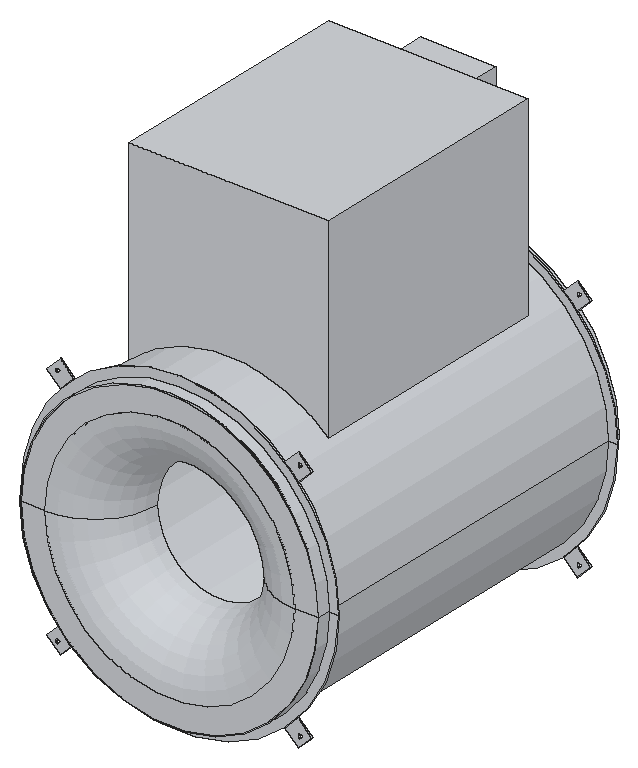
Revit family "QMX-HP_Vertical_Level_2", category Mechanical Equipment, Revit 2019
Family settings
  Round Connector Dimension = Use Radius
  Part Type = Normal
  Work Plane-Based = No
  Always vertical = Yes
  Cut with Voids When Loaded = No
  Shared = No
  Room Calculation Point = No
Parameters (values of type "330-QMX-HP_VER_LEVEL_2")
  hole_dia = 53 5/8"
  hole = (sqrt((hole_dia ^ 2) / 2)) / 2  # 18.9593"
  Unit Weight [instance] = ""
  Sones [instance] = ""
  Motor RPM [instance] = ""
  Motor Enclosure [instance] = ""
  ModelID [instance] = ""
  MC/2 = 15 149/256"
  LwA [instance] = ""
  H/2 = H / 2  # 11/32"
  H = 11/16"
  G/2 = G / 2  # 28 9/16"
  Fan RPM [instance] = ""
  Brake Hp [instance] = ""
  BRACKET/2 = BRACKET / 2  # 1 1/2"
  BRACKET = 3"
  Accessories [instance] = ""
  45 = 45.00°
  3 = 3"  # constant formula
  1.9375 = 1 15/16"  # constant formula
  -(G/2)-.75 = -((G / 2) - 3/4")  # -27 13/16"
  (G/2)-.75 = (G / 2) - 3/4"  # 27 13/16"
  G+1.5 = G + 1 1/2"  # 58 5/8"
  G = 57 1/8"
  F/2 = F / 2  # 18 3/8"
  F-1.5 = F - 1 1/2"  # 35 1/4"
  F+1.5 = F + 1 1/2"  # 38 1/4"
  F = 36 3/4"
  E-D-1.5 = E - D - 1 1/2"  # 46 5/16"
  E-D = E - D  # 47 13/16"
  E = 74 13/16"
  D = 27"
  C/2 = C / 2  # 24 7/8"
  C = 49 3/4"
  B/8 = B / 6  # 9 3/4"
  B/6 = B / 6  # 9 3/4"
  B/3*2 = B / 3 * 2  # 39"
  B/2 = B / 2  # 29 1/4"
  B/10 = B / 10  # 5.85"
  B = 58 1/2"
  A/8 = A / 8  # 5 27/32"
  A/4 = A / 4  # 11 11/16"
  A/2 = A / 2  # 23 3/8"
  A = 46 3/4"
  0 = 0"  # constant formula
  Voltage [instance] = 0 V
  URL = "www.lorencook.com"
  Type Comments = "Mixed Flow Inline Vertical Mount Level 2 Belt Drive Arrangement 9"  # constant formula
  Static Pressure [instance] = 0.00 in-wg
  Power [instance] = Voltage * Motor FLA * sqrt(if(Phase = 3, 3, 1))  # 0 VA
  Phase [instance] = 0
  Number of Poles [instance] = 1
  Motor Hp [instance] = "0"
  Motor FLA [instance] = 0 A
  Model = "QMX-HP-Vertical Level 2"  # constant formula
  Manufacturer = "Loren Cook Company"
  CFM [instance] = 0 CFM
  1.5 = 1 1/2"  # constant formula
  ONE EIGTH = 1/8"  # constant formula
  -(B/2) = -(B / 2)  # -29 1/4"
  (F+3)/2 = (F + 3") / 2  # 19 7/8"
  (A/2)-.125 = (A / 2) - 1/8"  # 23 1/4"
Types (19): name | hole_dia | hole | MC/2 | H/2 | H | G/2 | BRACKET/2 | BRACKET | -(G/2)-.75 | (G/2)-.75 | G+1.5 | G | F/2 | F-1.5 | F+1.5 | F | E-D-1.5 | E-D | E | D | C/2 | C | B/8 | B/6 | B/3*2 | B/2 | B/10 | B | A/8 | A/4 | A/2 | A | -(B/2) | (F+3)/2 | (A/2)-.125
  (no name) | 53 5/8" | 18.9593" | 15 149/256" | 11/32" | 11/16" | 28 9/16" | 1 1/2" | 3" | -27 13/16" | 27 13/16" | 58 5/8" | 57 1/8" | 18 3/8" | 35 1/4" | 38 1/4" | 36 3/4" | 46 5/16" | 47 13/16" | 74 13/16" | 27" | 24 7/8" | 49 3/4" | 9 3/4" | 9 3/4" | 39" | 29 1/4" | 5.85" | 58 1/2" | 5 27/32" | 11 11/16" | 23 3/8" | 46 3/4" | -29 1/4" | 19 7/8" | 23 1/4"
  90-QMX-HP_VER_LEVEL_2 | 19 3/16" | 6.78381" | 6" | 1/4" | 1/2" | 9 3/16" | 1 1/2" | 3" | -8 7/16" | 8 7/16" | 19 7/8" | 18 3/8" | 6 3/16" | 10 7/8" | 13 7/8" | 12 3/8" | 21 1/4" | 22 3/4" | 31 1/4" | 8 1/2" | 7 15/16" | 15 7/8" | 3 5/16" | 3 5/16" | 13 1/4" | 9 15/16" | 1.9875" | 19 7/8" | 1 77/128" | 3 13/64" | 6 13/32" | 12 13/16" | -9 15/16" | 7 11/16" | 6 9/32"
  120-QMX-HP_VER_LEVEL_2 | 23 9/16" | 8.3306" | 8" | 1/4" | 1/2" | 11 1/4" | 1 1/2" | 3" | -10 1/2" | 10 1/2" | 24" | 22 1/2" | 7 3/4" | 14" | 17" | 15 1/2" | 24 11/16" | 26 3/16" | 36 11/16" | 10 1/2" | 10 1/32" | 20 1/16" | 4" | 4" | 16" | 12" | 2.4" | 24" | 2 17/128" | 4 17/64" | 8 17/32" | 17 1/16" | -12" | 9 1/4" | 8 13/32"
  135-QMX-HP_VER_LEVEL_2 | 25 13/16" | 9.1261" | 9" | 1/4" | 1/2" | 12 3/4" | 1 1/2" | 3" | -12" | 12" | 27" | 25 1/2" | 8 3/4" | 16" | 19" | 17 1/2" | 26" | 27 1/2" | 39 1/2" | 12" | 11 1/8" | 22 1/4" | 4 1/2" | 4 1/2" | 18" | 13 1/2" | 2.7" | 27" | 2 13/32" | 4 13/16" | 9 5/8" | 19 1/4" | -13 1/2" | 10 1/4" | 9 1/2"
  150-QMX-HP_VER_LEVEL_2 | 28" | 9.89949" | 10" | 1/4" | 1/2" | 14 5/16" | 1 1/2" | 3" | -13 9/16" | 13 9/16" | 30 1/8" | 28 5/8" | 9 3/8" | 17 1/4" | 20 1/4" | 18 3/4" | 27 3/8" | 28 7/8" | 42 1/16" | 13 3/16" | 12 3/16" | 24 3/8" | 5" | 5" | 20" | 15" | 3" | 30" | 2 43/64" | 5 11/32" | 10 11/16" | 21 3/8" | -15" | 10 7/8" | 10 9/16"
  165-QMX-HP_VER_LEVEL_2 | 30 1/8" | 10.6508" | 10" | 1/4" | 1/2" | 15 13/16" | 1 1/2" | 3" | -15 1/16" | 15 1/16" | 33 1/8" | 31 5/8" | 10 13/32" | 19 5/16" | 22 5/16" | 20 13/16" | 27 15/16" | 29 7/16" | 43 3/4" | 14 5/16" | 13 1/4" | 26 1/2" | 5 1/2" | 5 1/2" | 22" | 16 1/2" | 3.3" | 33" | 2 15/16" | 5 7/8" | 11 3/4" | 23 1/2" | -16 1/2" | 11 29/32" | 11 5/8"
  180-QMX-HP_VER_LEVEL_2 | 32 5/16" | 11.42419" | 10" | 9/32" | 9/16" | 16 13/16" | 1 1/2" | 3" | -16 1/16" | 16 1/16" | 35 1/8" | 33 5/8" | 11 13/32" | 21 5/16" | 24 5/16" | 22 13/16" | 29 1/4" | 30 3/4" | 46 1/4" | 15 1/2" | 14 5/16" | 28 5/8" | 5.83333" | 5.83333" | 23.33333" | 17 1/2" | 3 1/2" | 35" | 3 13/64" | 6 13/32" | 12 13/16" | 25 5/8" | -17 1/2" | 12 29/32" | 12 11/16"
  202-QMX-HP_VER_LEVEL_2 | 35 1/2" | 12.55115" | 10" | 9/32" | 9/16" | 18 1/16" | 1 1/2" | 3" | -17 5/16" | 17 5/16" | 37 5/8" | 36 1/8" | 12 1/8" | 22 3/4" | 25 3/4" | 24 1/4" | 31 3/16" | 32 11/16" | 49 15/16" | 17 1/4" | 15 7/8" | 31 3/4" | 6 1/4" | 6 1/4" | 25" | 18 3/4" | 3 3/4" | 37 1/2" | 3 19/32" | 7 3/16" | 14 3/8" | 28 3/4" | -18 3/4" | 13 5/8" | 14 1/4"
  225-QMX-HP_VER_LEVEL_2 | 38 3/4" | 13.70019" | 10 165/256" | 9/32" | 9/16" | 19 13/16" | 1 1/2" | 3" | -19 1/16" | 19 1/16" | 41 1/8" | 39 5/8" | 13 15/32" | 25 7/16" | 28 7/16" | 26 15/16" | 35 5/16" | 36 13/16" | 55 13/16" | 19" | 17 15/32" | 34 15/16" | 6.83333" | 6.83333" | 27.33333" | 20 1/2" | 4.1" | 41" | 3 127/128" | 7 63/64" | 15 31/32" | 31 15/16" | -20 1/2" | 14 31/32" | 15 27/32"
  245-QMX-HP_VER_LEVEL_2 | 41 9/16" | 14.69456" | 11 149/256" | 11/32" | 11/16" | 21 9/16" | 1 1/2" | 3" | -20 13/16" | 20 13/16" | 44 5/8" | 43 1/8" | 14 15/32" | 27 7/16" | 30 7/16" | 28 15/16" | 37" | 38 1/2" | 59" | 20 1/2" | 18 7/8" | 37 3/4" | 7.41667" | 7.41667" | 29.66667" | 22 1/4" | 4.45" | 44 1/2" | 4 11/32" | 8 11/16" | 17 3/8" | 34 3/4" | -22 1/4" | 15 31/32" | 17 1/4"
  270-QMX-HP_VER_LEVEL_2 | 45 1/8" | 15.9541" | 12 197/256" | 11/32" | 11/16" | 22 13/16" | 1 1/2" | 3" | -22 1/16" | 22 1/16" | 47 1/8" | 45 5/8" | 15 1/2" | 29 1/2" | 32 1/2" | 31" | 38 15/16" | 40 7/16" | 62 7/8" | 22 7/16" | 20 21/32" | 41 5/16" | 7.83333" | 7.83333" | 31.33333" | 23 1/2" | 4.7" | 47" | 4 101/128" | 9 37/64" | 19 5/32" | 38 5/16" | -23 1/2" | 17" | 19 1/32"
  300-QMX-HP_VER_LEVEL_2 | 49 3/8" | 17.4567" | 14 43/256" | 11/32" | 11/16" | 26 5/16" | 1 1/2" | 3" | -25 9/16" | 25 9/16" | 54 1/8" | 52 5/8" | 16 7/8" | 32 1/4" | 35 1/4" | 33 3/4" | 41 13/16" | 43 5/16" | 68 1/16" | 24 3/4" | 22 3/4" | 45 1/2" | 9" | 9" | 36" | 27" | 5.4" | 54" | 5 5/16" | 10 5/8" | 21 1/4" | 42 1/2" | -27" | 18 3/8" | 21 1/8"
  330-QMX-HP_VER_LEVEL_2 | 53 5/8" | 18.9593" | 15 149/256" | 11/32" | 11/16" | 28 9/16" | 1 1/2" | 3" | -27 13/16" | 27 13/16" | 58 5/8" | 57 1/8" | 18 3/8" | 35 1/4" | 38 1/4" | 36 3/4" | 46 5/16" | 47 13/16" | 74 13/16" | 27" | 24 7/8" | 49 3/4" | 9 3/4" | 9 3/4" | 39" | 29 1/4" | 5.85" | 58 1/2" | 5 27/32" | 11 11/16" | 23 3/8" | 46 3/4" | -29 1/4" | 19 7/8" | 23 1/4"
  365-QMX-HP_VER_LEVEL_2 | 59 1/2" | 21.03643" | 17 1/4" | 13/32" | 13/16" | 31 11/16" | 2" | 4" | -30 15/16" | 30 15/16" | 64 7/8" | 63 3/8" | 20 1/4" | 39" | 42" | 40 1/2" | 48 15/16" | 50 7/16" | 80 1/4" | 29 13/16" | 27 3/8" | 54 3/4" | 10.66667" | 10.66667" | 42.66667" | 32" | 6.4" | 64" | 6 15/32" | 12 15/16" | 25 7/8" | 51 3/4" | -32" | 21 3/4" | 25 3/4"
  402-QMX-HP_VER_LEVEL_2 | 64 7/8" | 22.93678" | 18 251/256" | 13/32" | 13/16" | 33 15/16" | 2" | 4" | -33 3/16" | 33 3/16" | 69 3/8" | 67 7/8" | 22" | 42 1/2" | 45 1/2" | 44" | 54 1/8" | 55 5/8" | 88 5/16" | 32 11/16" | 29 31/32" | 59 15/16" | 11.41667" | 11.41667" | 45.66667" | 34 1/4" | 6.85" | 68 1/2" | 7 15/128" | 14 15/64" | 28 15/32" | 56 15/16" | -34 1/4" | 23 1/2" | 28 11/32"
  445-QMX-HP_VER_LEVEL_2 | 70 7/8" | 25.0581" | 21 5/256" | 13/32" | 13/16" | 36 11/16" | 2" | 4" | -35 15/16" | 35 15/16" | 74 7/8" | 73 3/8" | 24 1/8" | 46 3/4" | 49 3/4" | 48 1/4" | 57 3/8" | 58 7/8" | 94 7/8" | 36" | 33 1/32" | 66 1/16" | 12.33333" | 12.33333" | 49.33333" | 37" | 7.4" | 74" | 7 113/128" | 15 49/64" | 31 17/32" | 63 1/16" | -37" | 25 5/8" | 31 13/32"
  490-QMX-HP_VER_LEVEL_2 | 78 1/8" | 27.62136" | 23 1/8" | 13/32" | 13/16" | 39 15/16" | 2" | 4" | -39 3/16" | 39 3/16" | 81 3/8" | 79 7/8" | 26 3/8" | 51 1/4" | 54 1/4" | 52 3/4" | 62 7/16" | 63 15/16" | 103 3/8" | 39 7/16" | 36 1/4" | 72 1/2" | 13.41667" | 13.41667" | 53.66667" | 40 1/4" | 8.05" | 80 1/2" | 8 43/64" | 17 11/32" | 34 11/16" | 69 3/8" | -40 1/4" | 27 7/8" | 34 9/16"
  540-QMX-HP_VER_LEVEL_2 | 85 3/16" | 30.11833" | 25 123/256" | 13/32" | 13/16" | 43 3/16" | 2" | 4" | -42 7/16" | 42 7/16" | 87 7/8" | 86 3/8" | 29" | 56 1/2" | 59 1/2" | 58" | 66 1/8" | 67 5/8" | 110 15/16" | 43 5/16" | 39 25/32" | 79 9/16" | 14 1/2" | 14 1/2" | 58" | 43 1/2" | 8.7" | 87" | 9 71/128" | 19 7/64" | 38 7/32" | 76 7/16" | -43 1/2" | 30 1/2" | 38 3/32"
  600-QMX-HP_VER_LEVEL_2 | 93 3/4" | 33.14563" | 28 75/256" | 13/32" | 13/16" | 47 7/16" | 2" | 4" | -46 11/16" | 46 11/16" | 96 3/8" | 94 7/8" | 32" | 62 1/2" | 65 1/2" | 64" | 70 9/16" | 72 1/16" | 122 1/16" | 50" | 44 3/16" | 88 3/8" | 15.91667" | 15.91667" | 63.66667" | 47 3/4" | 9.55" | 95 1/2" | 10 39/64" | 21 7/32" | 42 7/16" | 84 7/8" | -47 3/4" | 33 1/2" | 42 5/16"
Reference planes (in)
  plane 1 "Center (Front/Back)": y = 0
  plane 2: z = 0
  plane 3 "Center (Left/Right)": x = 0.40541
Forms (in)
  Extrusion 1, solid
    sketch origin (0, 0, 0) x (1, 0, 0) y (0, 0, 1)
      loop
        circle (0.40541, 0) r 23.375
      loop
        circle (0.40541, 0) r 23.25
    from -29.25 <- "-(B/2)" to 29.25 <- "B/2"
  Revolve 2, solid
    sketch origin (0, 0, 0) x (1, 0, 0) y (0, 1, 0)
      loop
        line (-22.84459, -29.25) -> (0.40541, -29.25) -> (0.40541, -19.5) -> (-22.84459, -19.5) -> (-22.84459, -29.25)
      axis (0.40541, -29.25) -> (0.40541, -19.5)
    angle from 0 to 360
  Revolve 3, void
    sketch origin (0, 0, 0) x (1, 0, 0) y (0, 1, 0)
      loop
        line (0.40541, -19.5) -> (-9.34459, -19.5)
        arc (-9.34459, -19.5) -> (-12.2003, -26.39429) -> (-19.09459, -29.25) r 9.75
        line (-19.09459, -29.25) -> (0.40541, -29.25) -> (0.40541, -19.5)
      axis (0.40541, -19.5) -> (0.40541, -29.25)
    angle from 0 to 360
  Revolve 4, solid
    sketch origin (0, 0, 0) x (1, 0, 0) y (0, 1, 0)
      loop
        line (0.40541, 29.25) -> (-9.34459, 29.25) -> (-9.34459, 0) -> (0.40541, 0) -> (0.40541, 29.25)
      axis (0.40541, 29.25) -> (0.40541, 0)
    angle from 0 to 360
  Revolve 5, solid
    sketch origin (0, 0, 0) x (1, 0, 0) y (0, 1, 0)
      loop
        line (-24.46959, 27.3125) -> (-24.46959, 27.1875) -> (-22.96959, 27.1875) -> (-22.96959, 27.3125) -> (-24.46959, 27.3125)
      loop
        line (-24.46959, -27.1875) -> (-24.46959, -27.3125) -> (-22.96959, -27.3125) -> (-22.96959, -27.1875) -> (-24.46959, -27.1875)
      axis (0.40541, 27.3125) -> (0.40541, -27.3125)
    angle from 0 to 360
  Extrusion 6, solid
    sketch origin (0.40541, 27.1875, 0) x (-1, 0, 0) y (0, 0, -1)
      loop
        arc (5.84375, -22.63275) -> (0, -23.375) -> (-5.84375, -22.63275) r 23.375
        line (-5.84375, -22.63275) -> (-5.84375, -46.3125) -> (5.84375, -46.3125) -> (5.84375, -22.63275)
    from 0 to 5.85 <- "B/10"
  Extrusion 7, solid
    sketch origin (0.40541, 21.3375, 0) x (-1, 0, 0) y (0, 0, -1)
      loop
        line (-15.58203, -17.42386) -> (-15.58203, -47.8125) -> (15.58203, -47.8125) -> (15.58203, -17.42386)
        arc (15.58203, -17.42386) -> (0, -23.375) -> (-15.58203, -17.42386) r 23.375
    from 0 to 39 <- "B/3*2"
  Extrusion 8, solid
    sketch origin (0.40541, -27.3125, 0) x (-1, 0, 0) y (0, 0, -1)
      loop
        line (18.61793, 16.49661) -> (20.73925, 18.61793) -> (18.61793, 20.73925) -> (16.49661, 18.61793)
        arc (16.49661, 18.61793) -> (17.58928, 17.58928) -> (18.61793, 16.49661) r 24.875
    from 0 to -0.125
  Extrusion 9, solid
    sketch origin (0.40541, -27.3125, 0) x (0, 0, -1) y (1, 0, 0)
      loop
        line (18.61793, 16.49661) -> (20.73925, 18.61793) -> (18.61793, 20.73925) -> (16.49661, 18.61793)
        arc (16.49661, 18.61793) -> (17.58928, 17.58928) -> (18.61793, 16.49661) r 24.875
    from 0 to -0.125
  Extrusion 10, solid
    sketch origin (0.40541, -27.3125, 0) x (1, 0, 0) y (0, 0, 1)
      loop
        line (18.61793, 16.49661) -> (20.73925, 18.61793) -> (18.61793, 20.73925) -> (16.49661, 18.61793)
        arc (16.49661, 18.61793) -> (17.58928, 17.58928) -> (18.61793, 16.49661) r 24.875
    from 0 to -0.125
  Extrusion 11, solid
    sketch origin (0.40541, -27.3125, 0) x (0, 0, 1) y (-1, 0, 0)
      loop
        line (18.61793, 16.49661) -> (20.73925, 18.61793) -> (18.61793, 20.73925) -> (16.49661, 18.61793)
        arc (16.49661, 18.61793) -> (17.58928, 17.58928) -> (18.61793, 16.49661) r 24.875
    from 0 to -0.125
  Extrusion 12, solid
    sketch origin (0.40541, 27.3125, 0) x (0, 0, -1) y (-1, 0, 0)
      loop
        line (16.49661, -18.61793) -> (18.61793, -20.73925) -> (20.73925, -18.61793) -> (18.61793, -16.49661)
        arc (18.61793, -16.49661) -> (17.58928, -17.58928) -> (16.49661, -18.61793) r 24.875
      loop
        arc (-16.49661, -18.61793) -> (-17.58928, -17.58928) -> (-18.61793, -16.49661) r 24.875
        line (-18.61793, -16.49661) -> (-20.73925, -18.61793) -> (-18.61793, -20.73925) -> (-16.49661, -18.61793)
      loop
        arc (-18.61793, 16.49661) -> (-17.58928, 17.58928) -> (-16.49661, 18.61793) r 24.875
        line (-16.49661, 18.61793) -> (-18.61793, 20.73925) -> (-20.73925, 18.61793) -> (-18.61793, 16.49661)
      loop
        arc (16.49661, 18.61793) -> (17.58928, 17.58928) -> (18.61793, 16.49661) r 24.875
        line (18.61793, 16.49661) -> (20.73925, 18.61793) -> (18.61793, 20.73925) -> (16.49661, 18.61793)
    from 0 to -0.125
  Extrusion 13, void
    sketch origin (0.40541, 27.3125, 0) x (0, 0, 1) y (-1, 0, 0)
      loop
        circle (-18.9593, -18.9593) r 0.34375
      loop
        circle (18.9593, -18.9593) r 0.34375
      loop
        circle (18.9593, 18.9593) r 0.34375
      loop
        circle (-18.9593, 18.9593) r 0.34375
    from 0 to 0.125
  Extrusion 14, void
    sketch origin (0.40541, -27.3125, 0) x (1, 0, 0) y (0, 0, -1)
      loop
        circle (-18.9593, -18.9593) r 0.34375
      loop
        circle (-18.9593, 18.9593) r 0.34375
      loop
        circle (18.9593, 18.9593) r 0.34375
      loop
        circle (18.9593, -18.9593) r 0.34375
    from 0 to 0.125
Cuts and joins
  Revolve 3 cuts Revolve 2
  Extrusion 13, Extrusion 14 cuts Revolve 5
  Extrusion 13 cuts Extrusion 12
  Extrusion 14 cuts Extrusion 8
  Extrusion 14 cuts Extrusion 9
  Extrusion 14 cuts Extrusion 10
  Extrusion 14 cuts Extrusion 11
Dimensions and locks (in)
  "0": Extrusion 1 sketch curve to level  (x2)
  "0": Revolve 2 sketch curve to plane 3 "Center (Left/Right)"  (x2)
  "0": Revolve 2 sketch curve to Extrusion 1
  "(A/2)-.125": Revolve 2 sketch curve to plane 3 "Center (Left/Right)"
  "B/8": Revolve 2 sketch curve to Extrusion 1
  "B/8": Revolve 3 sketch curve to plane 3 "Center (Left/Right)"
  "0": Revolve 3 sketch curve to Extrusion 1
  "0": Revolve 3 sketch curve to Revolve 2
  "0": Revolve 3 sketch curve to plane 3 "Center (Left/Right)"  (x2)
  "0": Revolve 4 sketch curve to plane 1 "Center (Front/Back)"
  "0": Revolve 4 sketch curve to plane 3 "Center (Left/Right)"  (x2)
  "B/8": Revolve 4 sketch curve to Revolve 4 sketch curve
  "ONE EIGTH": Revolve 5 sketch curve to Revolve 5 sketch curve  (x2)
  "A/2": Revolve 5 sketch curve to plane 3 "Center (Left/Right)"  (x2)
  "C/2": Revolve 5 sketch curve to plane 3 "Center (Left/Right)"  (x2)
  "0": Revolve 5 sketch curve to plane 3 "Center (Left/Right)"
  "A/8": plane 3 "Center (Left/Right)" to Extrusion 6 sketch curve
  "A/8": Extrusion 6 sketch curve to plane 3 "Center (Left/Right)"
  "E-D-1.5": Extrusion 6 sketch curve to level
  "E-D": Extrusion 7 sketch curve to level
  "MC/2": Extrusion 7 sketch curve to plane 3 "Center (Left/Right)"
  "MC/2": plane 3 "Center (Left/Right)" to Extrusion 7 sketch curve
  "0": Extrusion 7 sketch curve to level
  "0": plane 3 "Center (Left/Right)" to Extrusion 7 sketch curve
  "0": Extrusion 1 to Revolve 4 sketch curve
  "0": Extrusion 6 sketch curve to plane 3 "Center (Left/Right)"
  "3": Extrusion 8 sketch curve to Extrusion 8 sketch curve
  "BRACKET": Extrusion 8 sketch curve to Extrusion 8 sketch curve
  "0": Extrusion 8 sketch curve to level
  "0": Extrusion 8 sketch curve to plane 3 "Center (Left/Right)"
  "1.5": Extrusion 8 sketch curve to plane 3 "Center (Left/Right)"
  "3": Extrusion 9 sketch curve to Extrusion 9 sketch curve
  "BRACKET": Extrusion 9 sketch curve to Extrusion 9 sketch curve
  "3": Extrusion 10 sketch curve to Extrusion 10 sketch curve
  "BRACKET": Extrusion 10 sketch curve to Extrusion 10 sketch curve
  "3": Extrusion 11 sketch curve to Extrusion 11 sketch curve
  "BRACKET": Extrusion 11 sketch curve to Extrusion 11 sketch curve
  "1.5": Extrusion 9 sketch curve to plane 3 "Center (Left/Right)"
  "0": Extrusion 9 sketch curve to level
  "0": Extrusion 9 sketch curve to plane 3 "Center (Left/Right)"
  "0": Extrusion 10 sketch curve to level
  "0": Extrusion 10 sketch curve to plane 3 "Center (Left/Right)"
  "1.5": Extrusion 10 sketch curve to plane 3 "Center (Left/Right)"
  "1.5": Extrusion 11 sketch curve to plane 3 "Center (Left/Right)"
  "0": Extrusion 11 sketch curve to level
  "0": plane 3 "Center (Left/Right)" to Extrusion 11 sketch curve
  "0": Extrusion 12 sketch curve to Extrusion 9  (x3)
  "0": Extrusion 12 sketch curve to Extrusion 10
  Extrusion 12 sketch curve to Extrusion 10 = 0"
  "0": Extrusion 12 sketch curve to Extrusion 11  (x2)
  "0": Extrusion 11 to Extrusion 12 sketch curve
  "0": Extrusion 12 sketch curve to Extrusion 8  (x3)
  "hole": Extrusion 13 sketch curve to level  (x2)
  "hole": Extrusion 13 sketch curve to plane 3 "Center (Left/Right)"  (x2)
  "hole": level to Extrusion 13 sketch curve  (x2)
  "hole": plane 3 "Center (Left/Right)" to Extrusion 13 sketch curve  (x2)
  "hole": plane 3 "Center (Left/Right)" to Extrusion 14 sketch curve  (x2)
  "hole": Extrusion 14 sketch curve to level  (x2)
  "hole": level to Extrusion 14 sketch curve  (x2)
  "hole": Extrusion 14 sketch curve to plane 3 "Center (Left/Right)"  (x2)
  "1.9375": Extrusion 1 to Revolve 5 sketch curve
  "1.9375": Revolve 5 sketch curve to Extrusion 1
  "0": plane 3 "Center (Left/Right)" to Extrusion 12 sketch curve  (x4)
  "0": Extrusion 12 sketch curve to cut or joined group of Extrusion 10, Extrusion 14  (x2)
  "3": Extrusion 12 sketch curve to Extrusion 12 sketch curve
  "A/2": radius of Extrusion 1 sketch curve
  "(A/2)-.125": radius of Extrusion 1 sketch curve
  "B/8": radius of Revolve 3 sketch curve
  "A/2": radius of Extrusion 6 sketch curve
  "A/2": radius of Extrusion 7 sketch curve
  "C/2": radius of Extrusion 8 sketch curve
  "C/2": radius of Extrusion 9 sketch curve
  "C/2": radius of Extrusion 10 sketch curve
  "C/2": radius of Extrusion 11 sketch curve
  "C/2": radius of Extrusion 12 sketch curve  (x4)
  "H/2": radius of Extrusion 13 sketch curve  (x4)
  "H/2": radius of Extrusion 14 sketch curve  (x4)
  "45": angle level to Extrusion 8 sketch curve
  "45": angle Extrusion 9 sketch curve to level
  "45": angle level to Extrusion 10 sketch curve
  "45": angle Extrusion 11 sketch curve to level
Automatic sketch dimensions
  Extrusion 1 sketch curve to Extrusion 1 sketch curve = 0"
  Extrusion 1 sketch curve to plane 3 "Center (Left/Right)" = 0"
  Revolve 2 sketch curve to Revolve 2 sketch curve = 0"
  plane 1 "Center (Front/Back)" to Revolve 2 sketch curve = 3.17163"
  Revolve 3 sketch curve to Revolve 3 sketch curve = 0"  (x3)
  Revolve 3 sketch curve to Revolve 3 sketch curve = 3"
  Revolve 4 sketch curve to plane 1 "Center (Front/Back)" = 0"
  Revolve 4 sketch curve to Revolve 4 sketch curve = 4"
  Extrusion 6 sketch curve to Revolve 5 = 0"
  Extrusion 6 sketch curve to Extrusion 6 sketch curve = 0"
  Extrusion 7 sketch curve to Extrusion 7 sketch curve = 0"
  Revolve 5 sketch curve to Revolve 5 sketch curve = 4.07114"
  Revolve 5 sketch curve to Revolve 5 sketch curve = 4"
  Extrusion 12 sketch curve to Extrusion 12 sketch curve = 0"  (x3)
  Extrusion 12 sketch curve to Revolve 5 = 0"
Connectors (in)
  electrical at (-15.17662, 1.8375, 32.61818)
    settings: on Extrusion 7, index 1, voltage 0 V, apparent load 0 VA, apparent load phase1 0 VA, apparent load phase2 0 VA, apparent load phase3 0 VA, power factor 1, load classification "Other", number of poles 1, system type 30, power factor state 1, is connector primary yes, connector utility no, sub classification motor no, connector description ""
  hvac at (0.40541, -29.25, 0), driven by "A/2"
    settings: on cut or joined group of Revolve 2, Revolve 3, index 2, duct flow 0 CFM, flow factor 0, pres drop 0.00 in-wg, loss coef 0, conn angle 0.00°, conn width 12", conn height 12", conn diameter 46 3/4", duct sys type 29, conn prof type 0, flow config 0, flow direction 1, loss method 0, conn ref index -1, conn util no, is conn primary yes, conn desc ""
  hvac at (0.40541, 29.25, 0), driven by "A/2"
    settings: on Extrusion 1, index 3, duct flow 0 CFM, flow factor 0, pres drop 0.00 in-wg, loss coef 0, conn angle 0.00°, conn width 12", conn height 12", conn diameter 46 3/4", duct sys type 29, conn prof type 0, flow config 0, flow direction 2, loss method 0, conn ref index -1, conn util no, is conn primary no, conn desc ""
